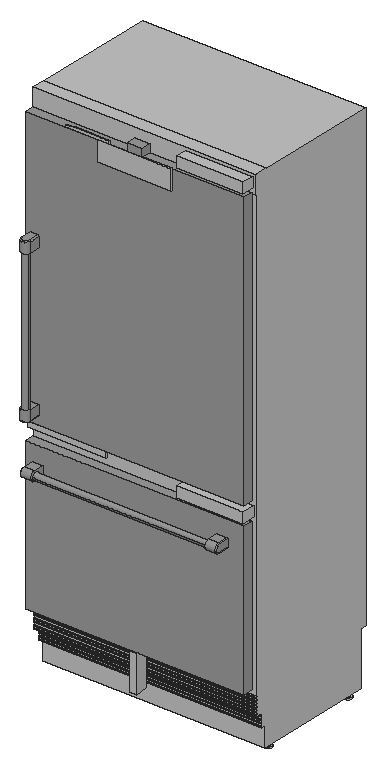
Revit family "FP-3D-Revit20-en-RS3684WRUVE1-IntegratedRefrigerator-0-90003564A", category Specialty Equipment, Revit 2020
Family settings
  Round Connector Dimension = Use Diameter
  Part Type = Normal
  OmniClass Number = 23.40.40.11.11
  OmniClass Title = Refrigerators and Freezers
  Work Plane-Based = No
  Always vertical = Yes
  Cut with Voids When Loaded = Yes
  Shared = No
  Room Calculation Point = No
Parameters (values of type "RS3684WRUVE1")
  Visibility - Water Connection = yes
  Visibility - Visibility Control Note = yes
  Visibility - Clearance Required = yes
  URL = "www.fisherpaykel.com"
  Stainless Steel Door Panels (RD3684WLD) = no
  Product - Width = 908 mm  # constant formula
  Product - Height = 2134 mm  # constant formula
  Product - Depth (exl front panel) = 610 mm  # constant formula
  Model = "RS3084WLU1"
  Material - Handle = Fisher & Paykel - Aluminium
  Material - Door Structure = Fisher & Paykel - Stainless Steel
  Material - Door Front = Fisher & Paykel - Stainless Steel
  Material - Body = Fisher & Paykel - Grey
  Manufacturer = "Fisher & Paykel Appliances"
  Left Hinging Options = "Hinge conversion and left hand stainless steel panels (RD3684WLD) are available"
  Handle Style - Professional Round Dark Copper (AHCRD3684WDC) = no
  Handle Style - Professional Round Brass (AHCRD3684WBA) = no
  Handle Style - Professional Round  (AHCRD3684W) = yes
  Handle Style - Contemporary Square Fine Black (AHD5RD3684WB) = no
  Handle Style - Contemporary Square Fine (AHD5RD3684W) = no
  Handle Style - Contemporary Square (AHD3RD3684W) = no
  Handle Style - Contemporary Round (AHSRD3684W) = no
  Description = "30\" Integrated Column Freezer with internal Ice & Water, White Interior"
  Default Elevation = 0 mm
  Connector Description - Water = "1/4\" (6mm) comp. stainless steel braided hose"
  Connector Description - Electrical = "120 V, 10 amp fused electrical supply"
  Cavity - Width = 914 mm  # constant formula
  Cavity - Height = 2134 mm  # constant formula
  Cavity - Depth = 635 mm  # constant formula
Reference planes
  plane 1 "Datum": y = 0
  plane 2: z = 0
  plane 3 "Center (Left/Right)": x = 0
  plane 4 "Product LHS": x = -454
  plane 5 "Product RHS": x = 454
  plane 6 "Product - Depth": y = 610
  plane 7 "Cavity LHS": x = -457
  plane 8 "Cavity RHS": x = 457
  plane 9 "Cavity - Depth": y = 635
  plane 10 "Handle Offset": x = 390
  plane 11 "Product Height": z = 2134
  plane 12 "Cavity Height": z = 2134
  plane 13 "Door Panel Datum": y = -4.1
  plane 14 "KNOB 33": x = -390
Forms (mm)
  Extrusion 1, solid, material "Fisher & Paykel - Grey" <- "Material - Body", detail levels fine
    sketch origin (0, 0, 0) x (0, 1, 0) y (0, 0, 1)
      loop
        line (100.1, 19.1) -> (587.9, 19.1) -> (587.9, 239.7) -> (610, 239.7) -> (610, 2132.3) -> (105.1, 2132.3) -> (105.1, 2134) -> (49.9, 2134) -> (49.9, 2059) -> (56, 2059) -> (56, 228.6) -> (59.5, 228.6) -> (59.5, 219.7) -> (56.5, 219.7) -> (56.5, 215.9) -> (59.5, 215.9) -> (59.5, 207) -> (56.5, 207) -> (56.5, 203.2) -> (59.5, 203.2) -> (59.5, 194.3) -> (56.5, 194.3) -> (56.5, 190.5) -> (59.5, 190.5) -> (59.5, 181.6) -> (56.5, 181.6) -> (56.5, 177.8) -> (59.5, 177.8) -> (59.5, 168.9) -> (56.5, 168.9) -> (56.5, 165.1) -> (59.5, 165.1) -> (59.5, 156.2) -> (56.5, 156.2) -> (56.5, 152.4) -> (84.1, 152.4) -> (84.1, 143.5) -> (81.1, 143.5) -> (81.1, 139.7) -> (84.1, 139.7) -> (84.1, 130.8) -> (81.1, 130.8) -> (81.1, 127) -> (84.1, 127) -> (84.1, 118.1) -> (81.1, 118.1) -> (81.1, 114.3) -> (84.1, 114.3) -> (84.1, 105.4) -> (81.1, 105.4) -> (81.1, 101.6) -> (100.1, 101.6) -> (100.1, 19.1)
    from -454 to 454
  Extrusion 2, solid, material "Fisher & Paykel - Grey" <- "Material - Body"
    sketch origin (0, 0, 0) x (1, 0, 0) y (0, 1, 0)
      loop
        circle (-433.5, 547.8) r 4.1
      loop
        circle (-433.5, 141.8) r 4.1
      loop
        circle (433.5, 547.8) r 4.1
      loop
        circle (433.5, 141.8) r 4.1
    from 3 to 19.1
  Extrusion 3, solid, material "Fisher & Paykel - Grey" <- "Material - Body"
    sketch origin (0, 0, 0) x (1, 0, 0) y (0, 1, 0)
      loop
        circle (-433.5, 547.8) r 14.5
      loop
        circle (-433.5, 141.8) r 14.555
      loop
        circle (433.5, 547.8) r 14.5
      loop
        circle (433.5, 141.8) r 14.555
    from 0 to 3
  Extrusion 4, solid, material "Fisher & Paykel - Grey" <- "Material - Body", detail levels fine
    sketch origin (0, 0, 0) x (1, 0, 0) y (0, 1, 0)
      loop
        line (-7.5, 49) -> (-13.797, -4.1) -> (13.797, -4.1) -> (7.5, 49) -> (-7.5, 49)
    from 104.2 to 253.8
  Extrusion 5, solid, material "Fisher & Paykel - Grey" <- "Material - Body", detail levels fine
    sketch origin (0, 0, 0) x (0, 1, 0) y (0, 0, 1)
      loop
        line (0, 2070.6) -> (0, 1988.6) -> (2, 1988.6) -> (2, 2068.6) -> (4, 2068.6) -> (4, 2070.6) -> (0, 2070.6)
    from -150 to 150
  Extrusion 6, solid, material "Fisher & Paykel - Grey" <- "Material - Body"
    sketch origin (0, 0, 0) x (1, 0, 0) y (0, 0, 1)
      loop
        circle (379, 119.813) r 5
      loop
        circle (-379, 119.813) r 5
    from -590 to -587.9
  Extrusion 7, solid, material "Fisher & Paykel - Stainless Steel" <- "Material - Door Structure"
    sketch origin (0, 0, 0) x (1, 0, 0) y (0, 1, 0)
      loop
        line (-429, 56) -> (-429, 42) -> (429, 42) -> (429, 56) -> (-429, 56)
    from 951.3 to 2030.7
  Extrusion 8, solid, material "Fisher & Paykel - Stainless Steel" <- "Material - Door Structure"
    sketch origin (0, 0, 0) x (1, 0, 0) y (0, 1, 0)
      loop
        line (-445.4, 42) -> (-445.4, 3) -> (445.4, 3) -> (445.4, 42) -> (-445.4, 42)
    from 943.8 to 2068.6
  Extrusion 9, solid, material "Fisher & Paykel - Stainless Steel" <- "Material - Door Structure", detail levels fine
    sketch origin (0, 0, 0) x (1, 0, 0) y (0, 0, 1)
      loop
        line (-29.5, 2100.1) -> (-29.5, 2068.6) -> (29.5, 2068.6) -> (29.5, 2100.1) -> (-29.5, 2100.1)
    from -42 to -3
  Extrusion 10, solid, material "Fisher & Paykel - Stainless Steel" <- "Material - Door Front", visible <- "Stainless Steel Door Panels (RD3684WLD)"
    sketch origin (0, 0, 0) x (0, 1, 0) y (0, 0, 1)
      loop
        line (-22.1, 2130.8) -> (-22.1, 876.3) -> (-4.1, 876.3) -> (-4.1, 2130.8) -> (-22.1, 2130.8)
      loop
        line (-22.1, 102) -> (-4.1, 102) -> (-4.1, 873.1) -> (-22.1, 873.1) -> (-22.1, 102)
    from -454 to 454
  Extrusion 11, solid, material "Fisher & Paykel - Grey" <- "Material - Body", detail levels coarse+medium
    sketch origin (0, 0, 0) x (0, 1, 0) y (0, 0, 1)
      loop
        line (49.9, 2134) -> (49.9, 2059) -> (56, 2059) -> (56, 152.4) -> (81.1, 152.4) -> (81.1, 101.6) -> (100.1, 101.6) -> (100.1, 19.1) -> (587.9, 19.1) -> (587.9, 239.7) -> (610, 239.7) -> (610, 2134) -> (49.9, 2134)
    from -454 to 454
  Extrusion 12, solid, material "Fisher & Paykel - Grey" <- "Material - Body", detail levels fine
    sketch origin (0, 0, -4) x (0, 1, 0) y (0, 0, 1)
      loop
        arc (163.888, 23.1) -> (180.4, 13.63) -> (196.912, 23.1) r 19.13
        line (196.912, 23.1) -> (163.888, 23.1)
      loop
        arc (493.888, 23.1) -> (510.4, 13.63) -> (526.912, 23.1) r 19.13
        line (526.912, 23.1) -> (493.888, 23.1)
    from 191 to 219
  Extrusion 13, solid, material "Fisher & Paykel - Grey" <- "Material - Body", detail levels fine
    sketch origin (0, 0, -4) x (0, 1, 0) y (0, 0, -1)
      loop
        line (163.888, -23.1) -> (196.912, -23.1)
        arc (196.912, -23.1) -> (180.4, -13.63) -> (163.888, -23.1) r 19.13
      loop
        line (493.888, -23.1) -> (526.912, -23.1)
        arc (526.912, -23.1) -> (510.4, -13.63) -> (493.888, -23.1) r 19.13
    from 191 to 219
  Extrusion 14, solid, material "Fisher & Paykel - Clearance Required", visible <- "Visibility - Clearance Required", detail levels coarse
    sketch origin (0, 0, 0) x (1, 0, 0) y (0, 1, 0)
      loop
        line (-457, 635) -> (-457, -4.1) -> (457, -4.1) -> (457, 635) -> (-457, 635)
    from 0 to 2134
  Extrusion 15, void
    sketch origin (0, 0, 0) x (1, 0, 0) y (0, 1, 0)
      loop
        line (-457, 635) -> (-457, -22.1) -> (457, -22.1) -> (457, 635) -> (-457, 635)
    from 0 to 2134
  Extrusion 16, solid, material "Fisher & Paykel - Stainless Steel" <- "Material - Door Structure"
    sketch origin (0, 0, 0) x (1, 0, 0) y (0, 1, 0)
      loop
        line (-445.4, 42) -> (-445.4, 3) -> (445.4, 3) -> (445.4, 42) -> (-445.4, 42)
    from 253.8 to 868.15
  Extrusion 17, solid, material "Fisher & Paykel - Stainless Steel" <- "Material - Door Structure"
    sketch origin (0, 0, 0) x (1, 0, 0) y (0, 1, 0)
      loop
        line (-429, 56) -> (-429, 42) -> (429, 42) -> (429, 56) -> (-429, 56)
    from 269.2 to 858.13
  Extrusion 18, solid, material "Fisher & Paykel - Clearance Required", visible <- "Visibility - Clearance Required", detail levels coarse
    sketch origin (0, 0, 0) x (0, 1, 0) y (0, 0, 1)
      loop
        line (-422.1, 873.1) -> (-422.1, 818.896) -> (-482.1, 818.896) -> (-482.1, 781.896) -> (-422.1, 781.896) -> (-422.1, 101.6) -> (-22.1, 101.6) -> (-22.1, 873.1) -> (-422.1, 873.1)
    from -454 to 454
  Extrusion 19, solid, material "Fisher & Paykel - Clearance Required", visible <- "Visibility - Clearance Required", detail levels coarse
    sketch origin (0, -0.697, 0) x (-1, 0, 0) y (0, -1, 0)
      loop
        line (377.5, 21.403) -> (454, 21.403)
        arc (454, 21.403) -> (456.992, 56.377) -> (491.915, 59.919) r 27.5
        line (491.915, 59.919) -> (773.006, 826.779) -> (799.252, 817.159)
        arc (799.252, 817.159) -> (823.815, 826.099) -> (814.875, 850.661) r 18.483
        line (814.875, 850.661) -> (788.602, 862.912) -> (810.604, 910.252)
        arc (810.604, 910.252) -> (-56.539, 799.947) -> (-454, 21.403) r 935.499
        line (-454, 21.403) -> (377.5, 21.403)
    from 876.3 to 2134
  Extrusion 20, solid, material "Fisher & Paykel - Grey" <- "Material - Body", detail levels fine
    sketch origin (0, 0, 0) x (1, 0, 0) y (0, 0, 1)
      loop
        line (442.4, 2123.15) -> (171.42, 2123.15) -> (171.42, 2081.05) -> (442.4, 2081.05) -> (442.4, 2123.15)
    from -49 to -2.5
  Extrusion 21, solid, material "Fisher & Paykel - Grey" <- "Material - Body", detail levels fine
    sketch origin (0, 0, 0) x (1, 0, 0) y (0, 0, 1)
      loop
        line (442.4, 877.25) -> (442.4, 919.35) -> (171.42, 919.35) -> (171.42, 877.25) -> (442.4, 877.25)
    from -56 to -2.5
  Extrusion 22, solid, material "Fisher & Paykel - Grey" <- "Material - Body", detail levels fine
    sketch origin (0, 0, 0) x (-1, 0, 0) y (0, 0, -1)
      loop
        line (118.4, -943.8) -> (435.4, -943.8) -> (435.4, -919.35) -> (118.4, -919.35) -> (118.4, -943.8)
      loop
        line (106, -2081.05) -> (242.9, -2081.05) -> (282.9, -2076.05) -> (282.9, -2068.6) -> (106, -2068.6) -> (106, -2081.05)
    from -7 to -4
Lines and regions (mm)
  model lines, style "Fisher & Paykel"
    curve 1: line (-454, -4.1, 2130.8) -> (454, -4.1, 2130.8)
    curve 2: line (-454, -4.1, 876.3) -> (-454, -4.1, 2130.8)
    curve 3: line (454, -4.1, 876.3) -> (-454, -4.1, 876.3)
    curve 4: line (454, -4.1, 2130.8) -> (454, -4.1, 876.3)
    curve 5: line (454, -4.1, 873.1) -> (-454, -4.1, 873.1)
    curve 6: line (454, -4.1, 102) -> (454, -4.1, 873.1)
    curve 7: line (-454, -4.1, 102) -> (454, -4.1, 102)
    curve 8: line (-454, -4.1, 873.1) -> (-454, -4.1, 102)
Text (mm)
  text "Due to ongoing product development, product details are subject to change without notice. \nPlease always refer to www.fisherpaykel.com for the most current product information. \n© Fisher & Paykel 2020" at (41.04, -878.295, 0), in view "Ref. Level (Plan)"
Dimensions and locks
  equal spacing: plane 4 "Product LHS", plane 3 "Center (Left/Right)", plane 5 "Product RHS"
  "Product - Width": plane 4 "Product LHS" to plane 5 "Product RHS"
  "Product - Depth (exl front panel)": plane 1 "Datum" to plane 6 "Product - Depth"
  equal spacing: plane 7 "Cavity LHS", plane 3 "Center (Left/Right)", plane 8 "Cavity RHS"
  "Cavity - Width": plane 7 "Cavity LHS" to plane 8 "Cavity RHS"
  "Cavity - Depth": plane 9 "Cavity - Depth" to plane 1 "Datum"
  plane 4 "Product LHS" to Extrusion 2 sketch curve = 24.6 mm
  plane 4 "Product LHS" to plane 10 "Handle Offset" = 844 mm
  Extrusion 6 sketch curve to Extrusion 1 = 119.887 mm  (x2)
  Extrusion 6 sketch curve to plane 5 "Product RHS" = 75 mm
  plane 4 "Product LHS" to Extrusion 6 sketch curve = 75 mm
  Extrusion 1 sketch curve to Extrusion 1 sketch curve = 82.5 mm
  Extrusion 1 sketch curve to Extrusion 1 sketch curve = 209.5 mm
  Extrusion 1 sketch curve to Extrusion 1 sketch curve = 220.6 mm
  Extrusion 3 to level = 3 mm
  Extrusion 11 to Extrusion 8 = 924.7 mm
  Extrusion 11 to Extrusion 7 = 932.2 mm
  Extrusion 11 to Extrusion 11 = 2114.9 mm
  Extrusion 11 to Extrusion 10 = 82.9 mm
  "Product - Height": level to plane 11 "Product Height"
  plane 11 "Product Height" to Extrusion 10 = 3.2 mm
  Extrusion 8 to plane 11 "Product Height" = 65.4 mm
  Extrusion 7 to plane 11 "Product Height" = 103.3 mm
  Extrusion 11 sketch curve to plane 11 "Product Height" = 75 mm
  Extrusion 1 sketch curve to plane 11 "Product Height" = 1.7 mm
  Extrusion 1 sketch curve to plane 11 "Product Height" = 75 mm
  "Cavity - Height": plane 12 "Cavity Height" to level
  plane 1 "Datum" to Extrusion 14 = 635 mm
  plane 1 "Datum" to Extrusion 15 = 635 mm
  Extrusion 15 to level = 2134 mm
  nested 7 to curve 6 = 454 mm
  Extrusion 22 sketch curve to Extrusion 22 sketch curve = 40 mm
  Extrusion 22 sketch curve to Extrusion 22 sketch curve = 176.9 mm
  radius of Extrusion 6 sketch curve = 5 mm
  aligned and locked: level to plane 2
  aligned and locked: Extrusion 10 to plane 5 "Product RHS"
  aligned and locked: plane 4 "Product LHS" to Extrusion 10
  aligned and locked: Extrusion 11 to plane 5 "Product RHS"
  aligned and locked: Extrusion 11 to plane 4 "Product LHS"
  aligned and locked: Extrusion 11 sketch curve to plane 11 "Product Height"
  aligned and locked: plane 11 "Product Height" to Extrusion 1 sketch curve
  aligned and locked: Extrusion 12 sketch curve to Extrusion 12 sketch curve
  aligned and locked: Extrusion 13 sketch curve to Extrusion 13 sketch curve
  aligned and locked: Extrusion 1 to plane 5 "Product RHS"
  aligned and locked: plane 4 "Product LHS" to Extrusion 1
  aligned and locked: Extrusion 1 to Extrusion 18
  aligned and locked: Extrusion 18 to Extrusion 1
  aligned and locked: plane 14 "KNOB 33" to nested 9
  aligned and locked: plane 14 "KNOB 33" to nested 10
Automatic sketch dimensions
  Extrusion 1 sketch curve to plane 6 "Product - Depth" = 0 mm
  Extrusion 1 sketch curve to Extrusion 1 sketch curve = 22.1 mm
  Extrusion 1 sketch curve to plane 1 "Datum" = 105.1 mm
  level to Extrusion 1 sketch curve = 19.1 mm
  Extrusion 1 sketch curve to plane 1 "Datum" = 100.1 mm
  Extrusion 1 sketch curve to Extrusion 1 sketch curve = 16 mm
  Extrusion 1 sketch curve to Extrusion 1 sketch curve = 0 mm  (x8)
  Extrusion 1 sketch curve to Extrusion 1 sketch curve = 3 mm  (x10)
  Extrusion 1 sketch curve to plane 1 "Datum" = 59.5 mm
  Extrusion 1 sketch curve to plane 1 "Datum" = 56 mm
  Extrusion 1 sketch curve to plane 1 "Datum" = 49.9 mm
  Extrusion 1 sketch curve to Extrusion 1 sketch curve = 3.8 mm  (x10)
  Extrusion 1 sketch curve to Extrusion 1 sketch curve = 8.9 mm  (x9)
  Extrusion 2 sketch curve to plane 4 "Product LHS" = 20.5 mm  (x2)
  plane 5 "Product RHS" to Extrusion 2 sketch curve = 20.5 mm  (x2)
  Extrusion 2 sketch curve to plane 1 "Datum" = 141.8 mm  (x2)
  Extrusion 2 sketch curve to plane 6 "Product - Depth" = 62.2 mm  (x2)
  Extrusion 3 sketch curve to plane 4 "Product LHS" = 20.5 mm  (x2)
  plane 5 "Product RHS" to Extrusion 3 sketch curve = 20.5 mm  (x2)
  Extrusion 3 sketch curve to plane 1 "Datum" = 141.8 mm  (x2)
  Extrusion 3 sketch curve to plane 6 "Product - Depth" = 62.2 mm  (x2)
  Extrusion 4 sketch curve to plane 13 "Door Panel Datum" = 0 mm
  Extrusion 4 sketch curve to plane 3 "Center (Left/Right)" = 13.797 mm
  Extrusion 4 sketch curve to plane 3 "Center (Left/Right)" = 7.5 mm
  plane 3 "Center (Left/Right)" to Extrusion 4 sketch curve = 7.5 mm
  plane 3 "Center (Left/Right)" to Extrusion 4 sketch curve = 13.797 mm
  Extrusion 4 sketch curve to plane 1 "Datum" = 49 mm
  Extrusion 5 sketch curve to plane 1 "Datum" = 0 mm
  Extrusion 5 sketch curve to plane 1 "Datum" = 2 mm
  Extrusion 5 sketch curve to Extrusion 5 sketch curve = 2 mm  (x2)
  plane 11 "Product Height" to Extrusion 5 sketch curve = 145.4 mm
  plane 11 "Product Height" to Extrusion 5 sketch curve = 65.4 mm
  Extrusion 7 sketch curve to plane 4 "Product LHS" = 25 mm
  plane 5 "Product RHS" to Extrusion 7 sketch curve = 25 mm
  Extrusion 7 sketch curve to plane 1 "Datum" = 42 mm
  Extrusion 7 sketch curve to Extrusion 7 sketch curve = 14 mm
  Extrusion 8 sketch curve to plane 1 "Datum" = 3 mm
  Extrusion 8 sketch curve to plane 4 "Product LHS" = 8.6 mm
  plane 5 "Product RHS" to Extrusion 8 sketch curve = 8.6 mm
  Extrusion 8 sketch curve to Extrusion 8 sketch curve = 39 mm
  Extrusion 9 sketch curve to plane 3 "Center (Left/Right)" = 29.5 mm
  plane 3 "Center (Left/Right)" to Extrusion 9 sketch curve = 29.5 mm
  plane 11 "Product Height" to Extrusion 9 sketch curve = 65.4 mm
  Extrusion 9 sketch curve to Extrusion 9 sketch curve = 31.5 mm
  Extrusion 10 sketch curve to plane 13 "Door Panel Datum" = 0 mm  (x2)
  plane 11 "Product Height" to Extrusion 10 sketch curve = 3.2 mm
  Extrusion 10 sketch curve to plane 13 "Door Panel Datum" = 18 mm
  Extrusion 10 sketch curve to Extrusion 10 sketch curve = 0 mm
  level to Extrusion 10 sketch curve = 876.3 mm
  Extrusion 10 sketch curve to Extrusion 10 sketch curve = 3.2 mm
  level to Extrusion 10 sketch curve = 102 mm
  Extrusion 11 sketch curve to plane 6 "Product - Depth" = 0 mm
  Extrusion 11 sketch curve to plane 6 "Product - Depth" = 22.1 mm
  Extrusion 11 sketch curve to plane 1 "Datum" = 100.1 mm
  Extrusion 11 sketch curve to Extrusion 11 sketch curve = 19 mm
  Extrusion 11 sketch curve to plane 1 "Datum" = 56 mm
  Extrusion 11 sketch curve to plane 1 "Datum" = 49.9 mm
  level to Extrusion 11 sketch curve = 239.7 mm
  level to Extrusion 11 sketch curve = 152.4 mm
  Extrusion 11 sketch curve to Extrusion 11 sketch curve = 50.8 mm
  level to Extrusion 11 sketch curve = 19.1 mm
  level to Extrusion 12 sketch curve = 19.1 mm
  Extrusion 12 sketch curve to plane 1 "Datum" = 163.888 mm
  Extrusion 12 sketch curve to Extrusion 12 sketch curve = 16.512 mm  (x2)
  Extrusion 12 sketch curve to plane 6 "Product - Depth" = 116.112 mm
  Extrusion 12 sketch curve to Extrusion 12 sketch curve = 9.66 mm  (x2)
  level to Extrusion 13 sketch curve = 19.1 mm
  Extrusion 13 sketch curve to plane 1 "Datum" = 163.888 mm
  Extrusion 13 sketch curve to Extrusion 13 sketch curve = 16.512 mm  (x2)
  Extrusion 13 sketch curve to plane 6 "Product - Depth" = 116.112 mm
  Extrusion 13 sketch curve to Extrusion 13 sketch curve = 9.66 mm  (x2)
  Extrusion 14 sketch curve to plane 7 "Cavity LHS" = 0 mm
  Extrusion 14 sketch curve to plane 8 "Cavity RHS" = 0 mm
  Extrusion 14 sketch curve to plane 13 "Door Panel Datum" = 0 mm
  Extrusion 14 sketch curve to plane 9 "Cavity - Depth" = 0 mm
  Extrusion 15 sketch curve to plane 7 "Cavity LHS" = 0 mm
  Extrusion 15 sketch curve to plane 8 "Cavity RHS" = 0 mm
  Extrusion 15 sketch curve to plane 9 "Cavity - Depth" = 0 mm
  Extrusion 15 sketch curve to plane 13 "Door Panel Datum" = 18 mm
  Extrusion 16 sketch curve to plane 1 "Datum" = 3 mm
  Extrusion 16 sketch curve to plane 4 "Product LHS" = 8.6 mm
  plane 5 "Product RHS" to Extrusion 16 sketch curve = 8.6 mm
  Extrusion 16 sketch curve to Extrusion 16 sketch curve = 39 mm
  Extrusion 17 sketch curve to plane 4 "Product LHS" = 25 mm
  plane 5 "Product RHS" to Extrusion 17 sketch curve = 25 mm
  Extrusion 17 sketch curve to plane 1 "Datum" = 42 mm
  Extrusion 17 sketch curve to Extrusion 17 sketch curve = 14 mm
  Extrusion 18 sketch curve to plane 13 "Door Panel Datum" = 478 mm
  Extrusion 18 sketch curve to Extrusion 18 sketch curve = 60 mm
  Extrusion 18 sketch curve to Extrusion 18 sketch curve = 0 mm
  Extrusion 18 sketch curve to plane 13 "Door Panel Datum" = 18 mm
  level to Extrusion 18 sketch curve = 101.6 mm
  Extrusion 18 sketch curve to Extrusion 18 sketch curve = 680.296 mm
  Extrusion 18 sketch curve to Extrusion 18 sketch curve = 37 mm
  Extrusion 18 sketch curve to Extrusion 18 sketch curve = 54.204 mm
  Extrusion 19 sketch curve to plane 5 "Product RHS" = 0 mm
  Extrusion 19 sketch curve to plane 14 "KNOB 33" = 12.5 mm
  plane 4 "Product LHS" to Extrusion 19 sketch curve = 0 mm
  Extrusion 19 sketch curve to plane 7 "Cavity LHS" = 19.59 mm
  Extrusion 19 sketch curve to Extrusion 19 sketch curve = 4.816 mm
  Extrusion 19 sketch curve to Extrusion 19 sketch curve = 10.509 mm
  Extrusion 19 sketch curve to plane 7 "Cavity LHS" = 316.006 mm
  Extrusion 19 sketch curve to Extrusion 19 sketch curve = 15.596 mm
  Extrusion 19 sketch curve to Extrusion 19 sketch curve = 26.246 mm
  Extrusion 19 sketch curve to Extrusion 19 sketch curve = 7.811 mm  (x2)
  Extrusion 19 sketch curve to Extrusion 19 sketch curve = 22.003 mm
  plane 13 "Door Panel Datum" to Extrusion 19 sketch curve = 906.849 mm
  Extrusion 19 sketch curve to Extrusion 19 sketch curve = 47.339 mm
  Extrusion 19 sketch curve to Extrusion 19 sketch curve = 12.251 mm
  Extrusion 19 sketch curve to Extrusion 19 sketch curve = 16.751 mm
  Extrusion 19 sketch curve to Extrusion 19 sketch curve = 9.62 mm
  Extrusion 19 sketch curve to Extrusion 19 sketch curve = 22.833 mm
  plane 5 "Product RHS" to curve 5 = 0 mm
  plane 5 "Product RHS" to curve 1 = 0 mm
  plane 4 "Product LHS" to curve 5 = 0 mm
  plane 4 "Product LHS" to curve 2 = 0 mm
  level to curve 6 = 102 mm
  curve 6 to curve 6 = 771.1 mm
  curve 5 to curve 2 = 3.2 mm
  plane 11 "Product Height" to curve 2 = 3.2 mm
  plane 11 "Product Height" to Extrusion 20 sketch curve = 10.85 mm
  plane 3 "Center (Left/Right)" to Extrusion 20 sketch curve = 171.42 mm
  plane 5 "Product RHS" to Extrusion 20 sketch curve = 11.6 mm
  Extrusion 20 sketch curve to Extrusion 20 sketch curve = 42.1 mm
  plane 3 "Center (Left/Right)" to Extrusion 21 sketch curve = 171.42 mm
  plane 5 "Product RHS" to Extrusion 21 sketch curve = 11.6 mm
  level to Extrusion 21 sketch curve = 877.25 mm
  Extrusion 21 sketch curve to Extrusion 21 sketch curve = 42.1 mm
  Extrusion 22 sketch curve to plane 11 "Product Height" = 52.95 mm
  plane 3 "Center (Left/Right)" to Extrusion 22 sketch curve = 106 mm
  plane 3 "Center (Left/Right)" to Extrusion 22 sketch curve = 118.4 mm
  plane 4 "Product LHS" to Extrusion 22 sketch curve = 18.6 mm
  Extrusion 22 sketch curve to Extrusion 22 sketch curve = 5 mm
  Extrusion 22 sketch curve to Extrusion 22 sketch curve = 12.45 mm
  Extrusion 22 sketch curve to level = 943.8 mm
  Extrusion 22 sketch curve to Extrusion 22 sketch curve = 24.45 mm
  radius of Extrusion 2 sketch curve = 4.1 mm  (x3)
  radius of Extrusion 3 sketch curve = 14.5 mm  (x2)
  radius of Extrusion 3 sketch curve = 14.555 mm  (x2)
  radius of Extrusion 6 sketch curve = 5 mm
Nested families
  nested 1: "Visibility Control Note 18" at (-951.075, 635, 0), visible <- "Visibility - Visibility Control Note", type "Visibility Control Note 18"
  nested 2: "Handle Contemporary Square - Horizontal" at (0, -22.1, 800.364), visible <- "Handle Style - Contemporary Square (AHD3RD3684W)", type "AHD3RD3684W - Contemporary square handle (2 of 2) (Horizontal) 798mm"
  nested 3: "F&P Handle Kit - Contemporary Square Fine - Horizontal" at (0, -22.1, 800.364), type "AHD5RD3684WB - Contemporary square fine black handle (2 of 2) (Horizontal) 798mm", not visible
  nested 4: "Handle Professional Round - Horizontal" at (0, -22.1, 800.364), visible <- "Handle Style - Professional Round Dark Copper (AHCRD3684WDC)", type "AHP3RD3684WDC - Professional round handle Dark Copper (2 of 2) (Horizontal) 798mm"
  nested 5: "F&P Handle Kit - Contemporary Square Fine - Horizontal" at (0, -22.1, 800.364), visible <- "Handle Style - Contemporary Square Fine Black (AHD5RD3684WB)", type "AHD5RD3684WB - Contemporary square fine black handle (2 of 2) (Horizontal) 798mm"
  nested 6: "Handle Contemporary Round - Horizontal" at (0, -22.1, 800), visible <- "Handle Style - Contemporary Round (AHSRD3684W)", type "AHSRD3684W - Contemporary round handle (2 of 2) (Horizontal) 798mm"
  nested 7: "F&P Handle Kit - Contemporary Square Fine - Horizontal" at (0, -22.1, 799.994), visible <- "Handle Style - Contemporary Square Fine (AHD5RD3684W)", type "AHD5RD3684W - Contemporary square fine handle (2 of 2) (Horizontal) 798mm"
  nested 8: "Handle Professional Round - Horizontal" at (0, -22.1, 800.364), visible <- "Handle Style - Professional Round Brass (AHCRD3684WBA)", type "AHP3RD3684WBA - Professional round handle Brass (2 of 2) (Horizontal) 798mm"
  nested 9: "F&P Handle Kit - Contemporary Square Fine - Vertical" at (-390, -22.1, 1322.58) x (-1, 0, 0) z (0, 0, 1), type "AHD5RD3684W - Contemporary square fine handle (1 of 2) (Vertical) 727mm", not visible
  nested 10: "Handle Professional Round - Vertical" at (-390, -22.1, 1322.58) x (-1, 0, 0) z (0, 0, 1), visible <- "Handle Style - Professional Round Brass (AHCRD3684WBA)", type "AHCRD3684WBA - Professional round handle Brass (1 of 2) (Vertical) 661mm"
  nested 11: "F&P Handle Kit - Contemporary Square Fine - Vertical" at (-390, -22.1, 1322.58) x (-1, 0, 0) z (0, 0, 1), visible <- "Handle Style - Contemporary Square Fine Black (AHD5RD3684WB)", type "AHD5RD3684WB - Contemporary square fine black handle (1 of 2) (Vertical) 727mm"
  nested 12: "F&P Handle Kit - Contemporary Square Fine - Vertical" at (-390, -22.1, 1322.58) x (-1, 0, 0) z (0, 0, 1), visible <- "Handle Style - Contemporary Square Fine (AHD5RD3684W)", type "AHD5RD3684W - Contemporary square fine handle (1 of 2) (Vertical) 727mm"
  nested 13: "Handle Professional Round - Vertical" at (-390, -22.1, 1322.58) x (-1, 0, 0) z (0, 0, 1), visible <- "Handle Style - Professional Round Dark Copper (AHCRD3684WDC)", type "AHCRD3684WDC - Professional round handle Dark Copper (1 of 2) (Vertical) 661mm"
  nested 14: "Handle Contemporary Square - Vertical" at (-390, -22.1, 1322.58) x (-1, 0, 0) z (0, 0, 1), visible <- "Handle Style - Contemporary Square (AHD3RD3684W)", type "AHD3RD3684W - Contemporary square handle (1 of 2) (Vertical) 727mm"
  nested 15: "Handle Contemporary Round - Vertical" at (-390, -22.1, 1322.58) x (-1, 0, 0) z (0, 0, 1), visible <- "Handle Style - Contemporary Round (AHSRD3684W)", type "AHSRD3684W - Contemporary round handle (1 of 2) (Vertical) 727mm"
  nested 16: "Handle Professional Round - Horizontal" at (0, -22.1, 800), visible <- "Handle Style - Professional Round  (AHCRD3684W)", type "AHCRD3684W - Professional round handle (2 of 2) (Horizontal) 798mm"
  nested 17: "Handle Professional Round - Vertical" at (-390, -22.1, 1322.58), visible <- "Handle Style - Professional Round  (AHCRD3684W)", type "AHCRD3084W - Professional round handle (1 of 2) (Vertical) 661mm"
Connectors
  electrical at (-379, 590, 119.813), driven by "Connector Description - Electrical"
    settings: on Extrusion 6, index 1, voltage 120 V, apparent load 0 VA, apparent load phase1 0 VA, apparent load phase2 0 VA, apparent load phase3 0 VA, power factor 1, load classification "Other", number of poles 1, system type 30, power factor state 1, is connector primary yes, connector utility no, sub classification motor no, connector description "120 V, 10 amp fused electrical supply"
  piping at (379, 590, 119.813), diameter 12.7, driven by "Visibility - Water Connection", driven by "Connector Description - Water"
    settings: on Extrusion 6, index 2, connector inside diameter 609.6 mm, connector length 0 mm, flow factor 0, pipe flow 0.0 L/s, pressure drop 0.0 Pa, fitting loss kfactor 0, connector angle 0.00°, fixture units 0, engagement length 0 mm, angle of deflection 0.00°, flow configuration 0, flow direction 1, fitting loss method 0, system type 20, joint type 0, gender type 0, connector reference index -1, connector utility 1, adjustable connector no, is connector primary yes, connector description "1/4\" (6mm) comp. stainless steel braided hose"
Definition of nested family "Handle Contemporary Square - Horizontal"
  Parameters (values of type "AHD3RD3684W - Contemporary square handle (2 of 2) (Horizontal) 798mm")
    URL = "www.fisherpaykel.com"
    Material - Handle = none
    Manufacturer = "Fisher & Paykel Appliances"
    Handle - Length = 798 mm
    Default Elevation = 0 mm
  Types (2, lengths in mm): name | Handle - Length
    AHD3RD3084W - Contemporary square handle (2 of 2) (Horizontal) 646mm | 646
    AHD3RD3684W - Contemporary square handle (2 of 2) (Horizontal) 798mm | 798
  Reference planes
    plane 1 "Center (Front/Back)": y = 0
    plane 2: z = 0
    plane 3 "Center (Left/Right)": x = 0
    plane 4 "Product LHS": x = -399
    plane 5 "Product RHS": x = 399
    plane 6 "LHS Standoff": x = -278.995
    plane 7 "RHS Standoff": x = 279.005
  Forms (mm)
    Extrusion 1, solid, material <- "Material - Handle", detail levels fine
      sketch origin (0, 0, 0) x (0, 1, 0) y (0, 0, 1)
        loop
          arc (-28.701, 7.561) -> (-29.057, 7.868) -> (-29.514, 7.978) r 1
          line (-29.514, 7.978) -> (-40.5, 7.978)
          arc (-40.5, 7.978) -> (-41.561, 7.539) -> (-42, 6.478) r 1.5
          line (-42, 6.478) -> (-42, -6.522)
          arc (-42, -6.522) -> (-41.561, -7.583) -> (-40.5, -8.022) r 1.5
          line (-40.5, -8.022) -> (-29.487, -8.022)
          arc (-29.487, -8.022) -> (-29.029, -7.911) -> (-28.673, -7.602) r 1
          arc (-28.673, -7.602) -> (-26.256, -0.016) -> (-28.701, 7.561) r 13.038
      from -399 to 399
    Extrusion 2, solid, material <- "Material - Handle", detail levels fine
      sketch origin (0, 0, 0) x (0, 1, 0) y (0, 0, 1)
        loop
          arc (-28.23, 7.062) -> (-26.156, 0.008) -> (-28.198, -7.056) r 13.136
          arc (-28.198, -7.056) -> (-28.21, -7.463) -> (-27.86, -7.67) r 0.4
          line (-27.86, -7.67) -> (0, -7.67) -> (0, 7.678) -> (-27.893, 7.678)
          arc (-27.893, 7.678) -> (-28.244, 7.47) -> (-28.23, 7.062) r 0.4
      from 279.005 to 399
    Extrusion 3, solid, material <- "Material - Handle", detail levels fine
      sketch origin (0, 0, 0) x (0, 1, 0) y (0, 0, -1)
        loop
          arc (-28.23, -7.062) -> (-28.244, -7.47) -> (-27.893, -7.678) r 0.4
          line (-27.893, -7.678) -> (0, -7.678) -> (0, 7.67) -> (-27.86, 7.67)
          arc (-27.86, 7.67) -> (-28.21, 7.463) -> (-28.198, 7.056) r 0.4
          arc (-28.198, 7.056) -> (-26.156, -0.008) -> (-28.23, -7.062) r 13.136
      from 278.995 to 399
    Sweep 4, void
      path in 3D
        loop
          line (399, -29.514, 7.978) -> (399, -40.5, 7.978)
          arc (399, -40.5, 7.978) -> (399, -41.561, 7.539) -> (399, -42, 6.478) r 1.5
          line (399, -42, 6.478) -> (399, -42, -6.522)
          arc (399, -42, -6.522) -> (399, -41.561, -7.583) -> (399, -40.5, -8.022) r 1.5
          line (399, -40.5, -8.022) -> (399, -29.487, -8.022)
      profile origin (399, -35.007, 7.978) x (1, 0, 0) y (0, 0, 1)
        loop
          line (0, 0) -> (-1.3, 0) -> (0, -1.3) -> (0, 0)
    Sweep 5, void
      path in 3D
        loop
          line (-399, -29.487, -8.022) -> (-399, -40.5, -8.022)
          arc (-399, -40.5, -8.022) -> (-399, -41.561, -7.583) -> (-399, -42, -6.522) r 1.5
          line (-399, -42, -6.522) -> (-399, -42, 6.478)
          arc (-399, -42, 6.478) -> (-399, -41.561, 7.539) -> (-399, -40.5, 7.978) r 1.5
          line (-399, -40.5, 7.978) -> (-399, -29.514, 7.978)
      profile origin (-399, -35.007, 7.978) x (-1, 0, 0) y (0, 0, 1)
        loop
          line (0, 0) -> (-1.3, 0) -> (0, -1.3) -> (0, 0)
    Extrusion 6, void
      sketch origin (0, 0, 0) x (1, 0, 0) y (0, 0, 1)
        loop
          line (399, 7.978) -> (397.7, 7.978) -> (399, 6.678) -> (399, 7.978)
        loop
          line (399, -8.022) -> (399, -6.722) -> (397.7, -8.022) -> (399, -8.022)
      from 0 to 40
    Extrusion 7, void
      sketch origin (0, 0, 0) x (1, 0, 0) y (0, 0, 1)
        loop
          line (-399, 7.978) -> (-399, 6.678) -> (-397.7, 7.978) -> (-399, 7.978)
        loop
          line (-399, -8.022) -> (-397.7, -8.022) -> (-399, -6.722) -> (-399, -8.022)
      from 0 to 40
    Extrusion 8, solid, material <- "Material - Handle", detail levels coarse+medium
      sketch origin (0, 0, 0) x (1, 0, 0) y (0, 1, 0)
        loop
          line (-399, -42) -> (399, -42) -> (399, 0) -> (279.005, 0) -> (279.005, -26.156) -> (-278.995, -26.156) -> (-278.995, 0) -> (-399, 0) -> (-399, -42)
      from -8.022 to 7.978
  Cuts and joins
    Sweep 4, Sweep 5, Extrusion 6, Extrusion 7 cuts Extrusion 1
    Extrusion 6 cuts Extrusion 2
    Extrusion 7 cuts Extrusion 3
  Lines and regions (mm)
    sketch lines
      curve 1: line (399, -29.514, 7.978) -> (399, -40.5, 7.978)
      curve 2: arc (399, -42, 6.478) -> (399, -41.561, 7.539) -> (399, -40.5, 7.978) r 1.5
      curve 3: line (399, -42, 6.478) -> (399, -42, -6.522)
      curve 4: arc (399, -40.5, -8.022) -> (399, -41.561, -7.583) -> (399, -42, -6.522) r 1.5
      curve 5: line (399, -40.5, -8.022) -> (399, -29.487, -8.022)
      curve 6: line (-399, -40.5, 7.978) -> (-399, -29.514, 7.978)
      curve 7: arc (-399, -40.5, 7.978) -> (-399, -41.561, 7.539) -> (-399, -42, 6.478) r 1.5
      curve 8: line (-399, -42, -6.522) -> (-399, -42, 6.478)
      curve 9: arc (-399, -42, -6.522) -> (-399, -41.561, -7.583) -> (-399, -40.5, -8.022) r 1.5
      curve 10: line (-399, -29.487, -8.022) -> (-399, -40.5, -8.022)
  Dimensions and locks
    equal spacing: plane 4 "Product LHS", plane 3 "Center (Left/Right)", plane 5 "Product RHS"
    "Handle - Length": plane 4 "Product LHS" to plane 5 "Product RHS"
    locked: plane 4 "Product LHS" to plane 6 "LHS Standoff" at 120.005
    locked: plane 7 "RHS Standoff" to plane 5 "Product RHS" at 119.995
    aligned and locked: level to plane 2
    aligned and locked: Extrusion 1 to plane 5 "Product RHS"
    aligned and locked: plane 4 "Product LHS" to Extrusion 1
    aligned and locked: Extrusion 2 to plane 5 "Product RHS"
    aligned and locked: plane 4 "Product LHS" to Extrusion 3
    aligned and locked: plane 4 "Product LHS" to Extrusion 8 sketch curve
    aligned and locked: Extrusion 8 sketch curve to plane 5 "Product RHS"
    aligned and locked: Extrusion 8 sketch curve to plane 7 "RHS Standoff"
    aligned and locked: plane 6 "LHS Standoff" to Extrusion 8 sketch curve
    aligned and locked: Extrusion 2 to plane 7 "RHS Standoff"
    aligned and locked: plane 6 "LHS Standoff" to Extrusion 3
  Automatic sketch dimensions
    Extrusion 1 sketch curve to level = 6.522 mm
    plane 1 "Center (Front/Back)" to Extrusion 1 sketch curve = 42 mm
    Extrusion 1 sketch curve to Extrusion 1 sketch curve = 1.5 mm  (x2)
    Extrusion 1 sketch curve to level = 0.04 mm
    Extrusion 1 sketch curve to Extrusion 1 sketch curve = 1.206 mm
    level to Extrusion 1 sketch curve = 6.978 mm
    Extrusion 1 sketch curve to Extrusion 1 sketch curve = 10.986 mm
    Extrusion 1 sketch curve to Extrusion 1 sketch curve = 11.013 mm
    Extrusion 1 sketch curve to Extrusion 1 sketch curve = 1 mm
    level to Extrusion 1 sketch curve = 6.478 mm
    Extrusion 1 sketch curve to Extrusion 1 sketch curve = 0 mm
    Extrusion 2 sketch curve to plane 1 "Center (Front/Back)" = 0 mm
    Extrusion 2 sketch curve to level = 7.67 mm
    Extrusion 2 sketch curve to Extrusion 2 sketch curve = 27.86 mm
    level to Extrusion 2 sketch curve = 7.678 mm
    Extrusion 2 sketch curve to Extrusion 2 sketch curve = 0.033 mm
    Extrusion 2 sketch curve to level = 0.022 mm
    Extrusion 2 sketch curve to Extrusion 2 sketch curve = 11.398 mm
    Extrusion 2 sketch curve to Extrusion 2 sketch curve = 0.4 mm  (x2)
    Extrusion 2 sketch curve to Extrusion 2 sketch curve = 0 mm
    Extrusion 3 sketch curve to plane 1 "Center (Front/Back)" = 0 mm
    Extrusion 3 sketch curve to level = 7.67 mm
    Extrusion 3 sketch curve to Extrusion 3 sketch curve = 27.86 mm
    level to Extrusion 3 sketch curve = 7.678 mm
    Extrusion 3 sketch curve to Extrusion 3 sketch curve = 0.033 mm
    Extrusion 3 sketch curve to level = 0.022 mm
    Extrusion 3 sketch curve to Extrusion 3 sketch curve = 11.398 mm
    Extrusion 3 sketch curve to Extrusion 3 sketch curve = 0.4 mm  (x2)
    Extrusion 3 sketch curve to Extrusion 3 sketch curve = 0 mm
    profile plane to Sweep 4 sketch curve = 0 mm
    Sweep 4 sketch curve to profile plane = 0 mm
    Sweep 4 sketch curve to profile plane = 1.3 mm
    profile plane to Sweep 4 sketch curve = 1.3 mm
    Sweep 5 sketch curve to profile plane = 0 mm  (x2)
    profile plane to Sweep 5 sketch curve = 1.3 mm
    Sweep 5 sketch curve to profile plane = 1.3 mm
    plane 5 "Product RHS" to Extrusion 6 sketch curve = 0 mm  (x2)
    Extrusion 6 sketch curve to Extrusion 6 sketch curve = 1.3 mm  (x4)
    Extrusion 6 sketch curve to level = 6.722 mm
    level to Extrusion 6 sketch curve = 6.678 mm
    plane 4 "Product LHS" to Extrusion 7 sketch curve = 0 mm  (x2)
    Extrusion 7 sketch curve to plane 4 "Product LHS" = 1.3 mm  (x2)
    Extrusion 7 sketch curve to level = 8.022 mm
    level to Extrusion 7 sketch curve = 6.678 mm
    Extrusion 7 sketch curve to Extrusion 7 sketch curve = 1.3 mm  (x2)
    plane 1 "Center (Front/Back)" to Extrusion 8 sketch curve = 0 mm  (x2)
    Extrusion 8 sketch curve to Extrusion 8 sketch curve = 26.156 mm
    Extrusion 8 sketch curve to Extrusion 8 sketch curve = 42 mm
Definition of nested family "F&P Handle Kit - Contemporary Square Fine - Horizontal"
  Parameters (values of type "AHD5RD3684WB - Contemporary square fine black handle (2 of 2) (Horizontal) 798mm")
    URL = "www.fisherpaykel.com"
    Material - Handle = none
    Manufacturer = "Fisher & Paykel Appliances"
    Handle - Length = 798 mm
    Default Elevation = 0 mm
  Types (4, lengths in mm): name | Handle - Length
    AHD5RD3084W - Contemporary square fine handle (2 of 2) (Horizontal) 646mm | 646
    AHD5RD3084WB - Contemporary square fine black handle (2 of 2) (Horizontal) 646mm | 646
    AHD5RD3684W - Contemporary square fine handle (2 of 2) (Horizontal) 798mm | 798
    AHD5RD3684WB - Contemporary square fine black handle (2 of 2) (Horizontal) 798mm | 798
  Reference planes
    plane 1 "Center (Front/Back)": y = 0
    plane 2: z = 0
    plane 3 "Center (Left/Right)": x = 0
    plane 4 "Product LHS": x = -399
    plane 5 "Product RHS": x = 399
    plane 6 "LHS Standoff": x = -278.995
    plane 7 "RHS Standoff": x = 279.005
  Forms (mm)
    Extrusion 1, solid, material <- "Material - Handle", detail levels fine
      sketch origin (0, 0, 0) x (0, 1, 0) y (0, 0, 1)
        loop
          arc (-26.813, 6.16) -> (-27.196, 6.554) -> (-27.728, 6.686) r 1
          line (-27.728, 6.686) -> (-40.035, 6.256)
          arc (-40.035, 6.256) -> (-40.719, 5.951) -> (-41, 5.257) r 1
          line (-41, 5.257) -> (-41, -5.257)
          arc (-41, -5.257) -> (-40.719, -5.951) -> (-40.035, -6.256) r 1
          line (-40.035, -6.256) -> (-27.709, -6.686)
          arc (-27.709, -6.686) -> (-27.175, -6.554) -> (-26.792, -6.158) r 1
          arc (-26.792, -6.158) -> (-25.256, 0.004) -> (-26.813, 6.16) r 13.038
      from -399 to 399
    Extrusion 2, solid, material <- "Material - Handle", detail levels fine
      sketch origin (0, 0, 0) x (0, 1, 0) y (0, 0, 1)
        loop
          arc (-26.626, -6.008) -> (-26.614, -6.49) -> (-26.2, -6.737) r 0.5
          line (-26.2, -6.737) -> (0, -7.696) -> (0, 7.704) -> (-26.174, 6.747)
          arc (-26.174, 6.747) -> (-26.587, 6.5) -> (-26.6, 6.019) r 0.5
          arc (-26.6, 6.019) -> (-25.156, 0.002) -> (-26.626, -6.008) r 13.136
      from 279.005 to 399
    Extrusion 3, solid, material <- "Material - Handle", detail levels coarse+medium
      sketch origin (0, 0, 0) x (1, 0, 0) y (0, 1, 0)
        loop
          line (-399, -42) -> (399, -42) -> (399, 0) -> (279.005, 0) -> (279.005, -26.156) -> (-278.995, -26.156) -> (-278.995, 0) -> (-399, 0) -> (-399, -42)
      from -8.022 to 7.978
    Extrusion 4, solid, material <- "Material - Handle", detail levels fine
      sketch origin (0, 0, 0) x (0, 1, 0) y (0, 0, 1)
        loop
          arc (-26.626, -6.008) -> (-26.614, -6.49) -> (-26.2, -6.737) r 0.5
          line (-26.2, -6.737) -> (0, -7.696) -> (0, 7.704) -> (-26.174, 6.747)
          arc (-26.174, 6.747) -> (-26.587, 6.5) -> (-26.6, 6.019) r 0.5
          arc (-26.6, 6.019) -> (-25.156, 0.002) -> (-26.626, -6.008) r 13.136
      from -399 to -278.995
  Dimensions and locks
    equal spacing: plane 4 "Product LHS", plane 3 "Center (Left/Right)", plane 5 "Product RHS"
    "Handle - Length": plane 4 "Product LHS" to plane 5 "Product RHS"
    locked: plane 4 "Product LHS" to plane 6 "LHS Standoff" at 120.005
    locked: plane 7 "RHS Standoff" to plane 5 "Product RHS" at 119.995
    aligned and locked: level to plane 2
    aligned and locked: Extrusion 1 to plane 5 "Product RHS"
    aligned and locked: plane 4 "Product LHS" to Extrusion 1
    aligned and locked: Extrusion 2 to plane 5 "Product RHS"
    aligned and locked: plane 4 "Product LHS" to Extrusion 3 sketch curve
    aligned and locked: Extrusion 3 sketch curve to plane 5 "Product RHS"
    aligned and locked: Extrusion 3 sketch curve to plane 7 "RHS Standoff"
    aligned and locked: plane 6 "LHS Standoff" to Extrusion 3 sketch curve
    aligned and locked: plane 4 "Product LHS" to Extrusion 4
    aligned and locked: plane 6 "LHS Standoff" to Extrusion 4
    aligned and locked: Extrusion 2 to plane 7 "RHS Standoff"
  Automatic sketch dimensions
    Extrusion 1 sketch curve to level = 5.257 mm
    plane 1 "Center (Front/Back)" to Extrusion 1 sketch curve = 41 mm
    level to Extrusion 1 sketch curve = 6.256 mm
    Extrusion 1 sketch curve to Extrusion 1 sketch curve = 0.965 mm  (x2)
    Extrusion 1 sketch curve to level = 6.256 mm
    Extrusion 1 sketch curve to Extrusion 1 sketch curve = 0.035 mm  (x3)
    Extrusion 1 sketch curve to level = 0.018 mm
    Extrusion 1 sketch curve to Extrusion 1 sketch curve = 1.706 mm
    level to Extrusion 1 sketch curve = 6.686 mm
    Extrusion 1 sketch curve to Extrusion 1 sketch curve = 12.307 mm
    Extrusion 1 sketch curve to level = 6.686 mm
    Extrusion 1 sketch curve to Extrusion 1 sketch curve = 12.326 mm
    Extrusion 1 sketch curve to Extrusion 1 sketch curve = 0.999 mm  (x2)
    Extrusion 1 sketch curve to Extrusion 1 sketch curve = 0 mm
    Extrusion 2 sketch curve to plane 1 "Center (Front/Back)" = 0 mm
    level to Extrusion 2 sketch curve = 6.247 mm
    plane 1 "Center (Front/Back)" to Extrusion 2 sketch curve = 26.155 mm
    level to Extrusion 2 sketch curve = 6.747 mm
    Extrusion 2 sketch curve to Extrusion 2 sketch curve = 0.018 mm  (x2)
    Extrusion 2 sketch curve to level = 6.238 mm
    Extrusion 2 sketch curve to Extrusion 2 sketch curve = 0.026 mm
    Extrusion 2 sketch curve to level = 6.737 mm
    level to Extrusion 2 sketch curve = 0.03 mm
    Extrusion 2 sketch curve to Extrusion 2 sketch curve = 12.11 mm
    Extrusion 2 sketch curve to level = 7.696 mm
    level to Extrusion 2 sketch curve = 7.704 mm
    Extrusion 2 sketch curve to Extrusion 2 sketch curve = 0 mm
    plane 1 "Center (Front/Back)" to Extrusion 3 sketch curve = 42 mm
    Extrusion 3 sketch curve to Extrusion 3 sketch curve = 15.844 mm
    Extrusion 3 sketch curve to Extrusion 3 sketch curve = 26.156 mm  (x2)
    level to Extrusion 4 sketch curve = 0.03 mm
    plane 1 "Center (Front/Back)" to Extrusion 4 sketch curve = 38.291 mm
    Extrusion 4 sketch curve to level = 6.737 mm
    Extrusion 4 sketch curve to Extrusion 4 sketch curve = 12.091 mm
    Extrusion 4 sketch curve to Extrusion 4 sketch curve = 0.018 mm  (x2)
    level to Extrusion 4 sketch curve = 6.747 mm
    Extrusion 4 sketch curve to Extrusion 4 sketch curve = 0.008 mm
    level to Extrusion 4 sketch curve = 7.704 mm
    Extrusion 4 sketch curve to Extrusion 4 sketch curve = 26.174 mm
    Extrusion 4 sketch curve to level = 7.696 mm
    Extrusion 4 sketch curve to Extrusion 4 sketch curve = 0.5 mm  (x2)
    Extrusion 4 sketch curve to Extrusion 4 sketch curve = 0 mm
Definition of nested family "Handle Professional Round - Horizontal"
  Parameters (values of type "AHCRD3684W - Professional round handle (2 of 2) (Horizontal) 798mm")
    URL = "www.fisherpaykel.com"
    Material - Standoff = none
    Material - Handle = none
    Manufacturer = "Fisher & Paykel Appliances"
    Handle - Length = 798 mm
    Default Elevation = 0 mm
  Types (4, lengths in mm): name | Handle - Length
    AHCRD3084W - Professional round handle (2 of 2) (Horizontal) 580mm | 646
    AHCRD3684W - Professional round handle (2 of 2) (Horizontal) 798mm | 798
    AHP3RD3684WBA - Professional round handle Brass (2 of 2) (Horizontal) 798mm | 798
    AHP3RD3684WDC - Professional round handle Dark Copper (2 of 2) (Horizontal) 798mm | 798
  Reference planes
    plane 1 "Center (Front/Back)": y = 0
    plane 2: z = 0
    plane 3 "Center (Left/Right)": x = 0
    plane 4 "Product LHS": x = -399
    plane 5 "Product RHS": x = 399
    plane 6 "LHS Standoff": x = -355
    plane 7 "RHS Standoff": x = 355
  Forms (mm)
    Extrusion 1, solid, material <- "Material - Standoff", detail levels fine
      sketch origin (0, 0, 0) x (0, 1, 0) y (0, 0, 1)
        loop
          line (0, 18.5) -> (-41.7, 18.5)
          arc (-41.7, 18.5) -> (-60.2, 0) -> (-41.7, -18.5) r 18.5
          line (-41.7, -18.5) -> (0, -18.5) -> (0, 18.5)
      from 355 to 399
    Extrusion 2, solid, material <- "Material - Standoff", detail levels fine
      sketch origin (0, 0, 0) x (0, 1, 0) y (0, 0, 1)
        loop
          line (0, 18.5) -> (-41.7, 18.5)
          arc (-41.7, 18.5) -> (-60.2, 0) -> (-41.7, -18.5) r 18.5
          line (-41.7, -18.5) -> (0, -18.5) -> (0, 18.5)
      from -399 to -355
    Sweep 3, void
      path in 3D
        loop
          line (399, 0, 18.5) -> (399, -41.7, 18.5)
          arc (399, -41.7, 18.5) -> (399, -60.2, 0) -> (399, -41.7, -18.5) r 18.5
          line (399, -41.7, -18.5) -> (399, 0, -18.5)
      profile origin (399, -20.85, 18.5) x (1, 0, 0) y (0, 0, 1)
        loop
          line (0, 0) -> (-3, 0) -> (0, -3) -> (0, 0)
    Sweep 4, void
      path in 3D
        loop
          line (-399, 0, -18.5) -> (-399, -41.7, -18.5)
          arc (-399, -41.7, -18.5) -> (-399, -60.2, 0) -> (-399, -41.7, 18.5) r 18.5
          line (-399, -41.7, 18.5) -> (-399, 0, 18.5)
      profile origin (-399, -20.85, 18.5) x (-1, 0, 0) y (0, 0, 1)
        loop
          line (0, 0) -> (-3, 0) -> (0, -3) -> (0, 0)
    Extrusion 5, solid, material <- "Material - Handle"
      sketch origin (0, -2.3, 0) x (0, 1, 0) y (0, 0, 1)
        loop
          circle (-39.4, 0) r 12.7
      from -355 to 355
    Extrusion 6, solid, material <- "Material - Standoff", detail levels coarse+medium
      sketch origin (0, 0, 0) x (0, 1, 0) y (0, 0, 1)
        loop
          line (0, 18.5) -> (-41.7, 18.5)
          arc (-41.7, 18.5) -> (-60.2, 0) -> (-41.7, -18.5) r 18.5
          line (-41.7, -18.5) -> (0, -18.5) -> (0, 18.5)
      from 399 to 355
    Extrusion 7, solid, material <- "Material - Standoff", detail levels coarse+medium
      sketch origin (0, 0, 0) x (0, 1, 0) y (0, 0, 1)
        loop
          line (0, 18.5) -> (-41.7, 18.5)
          arc (-41.7, 18.5) -> (-60.2, 0) -> (-41.7, -18.5) r 18.5
          line (-41.7, -18.5) -> (0, -18.5) -> (0, 18.5)
      from -355 to -399
  Cuts and joins
    Sweep 3 cuts Extrusion 1
    Sweep 4 cuts Extrusion 2
  Lines and regions (mm)
    sketch lines
      curve 1: line (399, 0, 18.5) -> (399, -41.7, 18.5)
      curve 2: arc (399, -41.7, -18.5) -> (399, -60.2, 0) -> (399, -41.7, 18.5) r 18.5
      curve 3: line (399, -41.7, -18.5) -> (399, 0, -18.5)
      curve 4: line (-399, -41.7, 18.5) -> (-399, 0, 18.5)
      curve 5: arc (-399, -41.7, 18.5) -> (-399, -60.2, 0) -> (-399, -41.7, -18.5) r 18.5
      curve 6: line (-399, 0, -18.5) -> (-399, -41.7, -18.5)
  Dimensions and locks
    equal spacing: plane 4 "Product LHS", plane 3 "Center (Left/Right)", plane 5 "Product RHS"
    "Handle - Length": plane 4 "Product LHS" to plane 5 "Product RHS"
    plane 4 "Product LHS" to plane 6 "LHS Standoff" = 44 mm
    plane 7 "RHS Standoff" to plane 5 "Product RHS" = 44 mm
    aligned and locked: level to plane 2
    aligned and locked: Extrusion 1 to plane 7 "RHS Standoff"
    aligned and locked: Extrusion 1 to plane 5 "Product RHS"
    aligned and locked: plane 4 "Product LHS" to Extrusion 2
    aligned and locked: plane 6 "LHS Standoff" to Extrusion 2
    aligned and locked: Extrusion 5 to plane 6 "LHS Standoff"
    aligned and locked: plane 7 "RHS Standoff" to Extrusion 5
    aligned and locked: plane 5 "Product RHS" to Extrusion 6
    aligned and locked: plane 7 "RHS Standoff" to Extrusion 6
    aligned and locked: Extrusion 7 to plane 4 "Product LHS"
    aligned and locked: Extrusion 7 to plane 6 "LHS Standoff"
  Automatic sketch dimensions
    Extrusion 1 sketch curve to level = 0 mm
    Extrusion 1 sketch curve to plane 1 "Center (Front/Back)" = 0 mm
    Extrusion 1 sketch curve to level = 18.5 mm
    plane 1 "Center (Front/Back)" to Extrusion 1 sketch curve = 41.7 mm
    Extrusion 2 sketch curve to level = 0 mm
    Extrusion 2 sketch curve to plane 1 "Center (Front/Back)" = 0 mm
    Extrusion 2 sketch curve to level = 18.5 mm
    plane 1 "Center (Front/Back)" to Extrusion 2 sketch curve = 41.7 mm
    Sweep 3 sketch curve to profile plane = 0 mm
    profile plane to Sweep 3 sketch curve = 0 mm
    profile plane to Sweep 3 sketch curve = 3 mm
    Sweep 3 sketch curve to profile plane = 3 mm
    Sweep 4 sketch curve to profile plane = 0 mm  (x2)
    profile plane to Sweep 4 sketch curve = 3 mm
    Sweep 4 sketch curve to profile plane = 3 mm
    Extrusion 5 sketch curve to level = 0 mm
    plane 1 "Center (Front/Back)" to Extrusion 5 sketch curve = 41.7 mm
    Extrusion 6 sketch curve to level = 0 mm
    level to Extrusion 6 sketch curve = 18.5 mm
    plane 1 "Center (Front/Back)" to Extrusion 6 sketch curve = 41.7 mm
    Extrusion 6 sketch curve to Extrusion 6 sketch curve = 41.7 mm
    Extrusion 7 sketch curve to level = 0 mm
    level to Extrusion 7 sketch curve = 18.5 mm
    plane 1 "Center (Front/Back)" to Extrusion 7 sketch curve = 41.7 mm
    Extrusion 7 sketch curve to Extrusion 7 sketch curve = 41.7 mm
    radius of Extrusion 5 sketch curve = 12.7 mm
Definition of nested family "Handle Contemporary Round - Horizontal"
  Parameters (values of type "AHSRD3684W - Contemporary round handle (2 of 2) (Horizontal) 798mm")
    URL = "www.fisherpaykel.com"
    Product - Width = 798 mm
    Material - Handle = none
    Manufacturer = "Fisher & Paykel Appliances"
    Default Elevation = 0 mm
  Types (2, lengths in mm): name | Product - Width
    AHSRD3084W - Contemporary round handle (2 of 2) (Horizontal) 646mm | 646
    AHSRD3684W - Contemporary round handle (2 of 2) (Horizontal) 798mm | 798
  Reference planes
    plane 1 "Center (Front/Back)": y = 0
    plane 2: z = 0
    plane 3 "Center (Left/Right)": x = 0
    plane 4 "Product LHS": x = -399
    plane 5 "Product RHS": x = 399
    plane 6 "LHS Standoff": x = -278.995
    plane 7 "RHS Standoff": x = 279.005
  Forms (mm)
    Extrusion 1, solid, material <- "Material - Handle"
      sketch origin (0, 0, 0) x (0, 1, 0) y (0, 0, 1)
        loop
          circle (-32.3, 0) r 8.7
      from -278.995 to 279.005
    Extrusion 2, solid, material <- "Material - Handle", detail levels fine
      sketch origin (0, 0, 0) x (0, 1, 0) y (0, 0, 1)
        loop
          line (0, 8.7) -> (-32.3, 8.7)
          arc (-32.3, 8.7) -> (-41, 0) -> (-32.3, -8.7) r 8.7
          line (-32.3, -8.7) -> (0, -8.7) -> (0, 8.7)
      from 279.005 to 399
    Extrusion 3, solid, material <- "Material - Handle", detail levels fine
      sketch origin (0, 0, 0) x (0, 1, 0) y (0, 0, -1)
        loop
          line (0, -8.7) -> (0, 8.7) -> (-32.3, 8.7)
          arc (-32.3, 8.7) -> (-41, 0) -> (-32.3, -8.7) r 8.7
          line (-32.3, -8.7) -> (0, -8.7)
      from 278.995 to 399
    Sweep 4, void
      path in 3D
        loop
          line (399, 0, 8.7) -> (399, -32.3, 8.7)
          arc (399, -32.3, 8.7) -> (399, -41, 0) -> (399, -32.3, -8.7) r 8.7
          line (399, -32.3, -8.7) -> (399, 0, -8.7)
      profile origin (399, -16.15, 8.7) x (1, 0, 0) y (0, 0, 1)
        loop
          line (0, 0) -> (-1, 0) -> (0, -1) -> (0, 0)
    Sweep 5, void
      path in 3D
        loop
          line (-399, 0, -8.7) -> (-399, -32.3, -8.7)
          arc (-399, -32.3, -8.7) -> (-399, -41, 0) -> (-399, -32.3, 8.7) r 8.7
          line (-399, -32.3, 8.7) -> (-399, 0, 8.7)
      profile origin (-399, -16.15, 8.7) x (-1, 0, 0) y (0, 0, 1)
        loop
          line (0, 0) -> (-1, 0) -> (0, -1) -> (0, 0)
    Extrusion 6, solid, material <- "Material - Handle", detail levels coarse+medium
      sketch origin (0, 0, 0) x (0, 1, 0) y (0, 0, 1)
        loop
          line (0, 8.7) -> (-32.3, 8.7)
          arc (-32.3, 8.7) -> (-41, 0) -> (-32.3, -8.7) r 8.7
          line (-32.3, -8.7) -> (0, -8.7) -> (0, 8.7)
      from 279.005 to 399
    Extrusion 7, solid, material <- "Material - Handle", detail levels coarse+medium
      sketch origin (0, 0, 0) x (0, 1, 0) y (0, 0, -1)
        loop
          line (0, -8.7) -> (0, 8.7) -> (-32.3, 8.7)
          arc (-32.3, 8.7) -> (-41, 0) -> (-32.3, -8.7) r 8.7
          line (-32.3, -8.7) -> (0, -8.7)
      from 278.995 to 399
  Cuts and joins
    Sweep 4 cuts Extrusion 2
    Sweep 5 cuts Extrusion 3
  Lines and regions (mm)
    sketch lines
      curve 1: line (399, 0, 8.7) -> (399, -32.3, 8.7)
      curve 2: arc (399, -32.3, -8.7) -> (399, -41, 0) -> (399, -32.3, 8.7) r 8.7
      curve 3: line (399, -32.3, -8.7) -> (399, 0, -8.7)
      curve 4: line (-399, -32.3, 8.7) -> (-399, 0, 8.7)
      curve 5: arc (-399, -32.3, 8.7) -> (-399, -41, 0) -> (-399, -32.3, -8.7) r 8.7
      curve 6: line (-399, 0, -8.7) -> (-399, -32.3, -8.7)
  Dimensions and locks
    equal spacing: plane 4 "Product LHS", plane 3 "Center (Left/Right)", plane 5 "Product RHS"
    "Product - Width": plane 4 "Product LHS" to plane 5 "Product RHS"
    locked: plane 4 "Product LHS" to plane 6 "LHS Standoff" at 120.005
    locked: plane 7 "RHS Standoff" to plane 5 "Product RHS" at 119.995
    equal spacing: Extrusion 2 sketch curve, level, Extrusion 2 sketch curve
    Extrusion 3 sketch curve to Extrusion 3 sketch curve = 17.4 mm
    Extrusion 6 sketch curve to Extrusion 6 sketch curve = 17.4 mm
    Extrusion 7 sketch curve to Extrusion 7 sketch curve = 17.4 mm
    aligned and locked: level to plane 2
    aligned and locked: plane 7 "RHS Standoff" to Extrusion 1
    aligned and locked: Extrusion 2 to Extrusion 1
    aligned and locked: Extrusion 2 to plane 5 "Product RHS"
    aligned and locked: plane 4 "Product LHS" to Extrusion 3
    aligned and locked: plane 6 "LHS Standoff" to Extrusion 3
    aligned and locked: Extrusion 1 to plane 6 "LHS Standoff"
    aligned and locked: Extrusion 6 to Extrusion 1
    aligned and locked: Extrusion 6 to plane 5 "Product RHS"
    aligned and locked: plane 4 "Product LHS" to Extrusion 7
    aligned and locked: Extrusion 7 to Extrusion 1
  Automatic sketch dimensions
    Extrusion 1 sketch curve to level = 0 mm
    plane 1 "Center (Front/Back)" to Extrusion 1 sketch curve = 32.3 mm
    Extrusion 2 sketch curve to plane 1 "Center (Front/Back)" = 0 mm
    Extrusion 2 sketch curve to level = 8.7 mm
    plane 1 "Center (Front/Back)" to Extrusion 2 sketch curve = 32.3 mm
    Extrusion 3 sketch curve to level = 0 mm
    Extrusion 3 sketch curve to plane 1 "Center (Front/Back)" = 0 mm
    Extrusion 3 sketch curve to level = 8.7 mm
    plane 1 "Center (Front/Back)" to Extrusion 3 sketch curve = 32.3 mm
    Sweep 4 sketch curve to profile plane = 0 mm
    profile plane to Sweep 4 sketch curve = 0 mm
    profile plane to Sweep 4 sketch curve = 1 mm
    Sweep 4 sketch curve to profile plane = 1 mm
    Sweep 5 sketch curve to profile plane = 0 mm  (x2)
    profile plane to Sweep 5 sketch curve = 1 mm
    Sweep 5 sketch curve to profile plane = 1 mm
    Extrusion 6 sketch curve to level = 0 mm
    level to Extrusion 6 sketch curve = 8.7 mm
    plane 1 "Center (Front/Back)" to Extrusion 6 sketch curve = 32.3 mm
    Extrusion 6 sketch curve to Extrusion 6 sketch curve = 32.3 mm
    Extrusion 7 sketch curve to level = 0 mm
    level to Extrusion 7 sketch curve = 8.7 mm
    plane 1 "Center (Front/Back)" to Extrusion 7 sketch curve = 32.3 mm
    Extrusion 7 sketch curve to Extrusion 7 sketch curve = 32.3 mm
    radius of Extrusion 1 sketch curve = 8.7 mm
Definition of nested family "F&P Handle Kit - Contemporary Square Fine - Vertical"
  Parameters (values of type "AHD5RD3084W - Contemporary square fine handle (1 of 2) (Vertical) 727mm")
    URL = "www.fisherpaykel.com"
    Material - Handle = none
    Manufacturer = "Fisher & Paykel Appliances"
    Handle - Length = 727 mm
    Default Elevation = 0 mm
  Types (4): name
    AHD5RD3084W - Contemporary square fine handle (1 of 2) (Vertical) 727mm
    AHD5RD3084WB - Contemporary square fine black handle (1 of 2) (Vertical) 727mm
    AHD5RD3684WB - Contemporary square fine black handle (1 of 2) (Vertical) 727mm
    AHD5RD3684W - Contemporary square fine handle (1 of 2) (Vertical) 727mm
  Reference planes
    plane 1 "Center (Front/Back)": y = 0
    plane 2: z = 0
    plane 3 "Center (Left/Right)": x = 0
    plane 4 "Top": z = 363.5
    plane 5 "Bottom": z = -363.5
    plane 6 "Top Standoff": z = 243.5
    plane 7 "Bottom Standoff": z = -243.5
